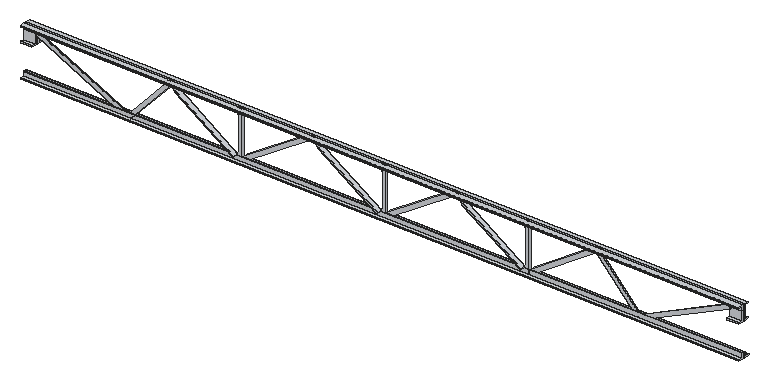
Revit family "0c9291377ac140c79408a059bb049c16", category Structural Framing, Revit 2019
Family settings
  Structural Framing Length Roundoff = 0' - 0 1/16"
  Section Shape = Not Defined
  Material for Model Behavior = Steel
  Always export as geometry = Yes
  OmniClass Number = 23.25.30.21.14.11
  OmniClass Title = Metal Joists
  Seek Item ID = G Joist Girder-0000-USA-ENU
  Always vertical = Yes
  Cut with Voids When Loaded = No
  Symbolic Representation = From Family
  Shared = No
  Show family pre-cut in plan views = Yes
Parameters (values of type "16G")
  Web Thickness = 0' - 1"
  Vertical Member Visibility = yes
  Structural Material = none
  Start Offset [instance] = 0' - 0"
  Top Chord Start Extension [instance] = 0' - 0"
  SpaceNum [instance] = 5
  Seat Length = 0' - 6"
  Seat Depth [instance] = 0' - 7 1/2"
  PanelWidth [instance] = Length / SpaceNum  # 6' - 0"
  PanelArrayNum [instance] = SpaceNum - 2  # 3
  Panel Point Load [instance] = 4.00 kip
  Offset Length 2 [instance] = End Panel - End Offset + Bottom Chord End Extension  # 6' - 0"
  Offset Length 1 [instance] = End Panel - Start Offset + Bottom Chord Start Extension  # 6' - 0"
  Offset Length [instance] = 0.3 * (End Panel - Start Offset - Seat Length)  # 1' - 7.8"
  Girder Type = "G"
  End Panel [instance] = PanelWidth  # 6' - 0"
  End Offset [instance] = 0' - 0"
  Top Chord End Extension [instance] = 0' - 0"
  Depth = 2' - 0"
  Cord Leg = 0' - 2 1/2"
  Chord Thickness = 0' - 0 1/2"
  Bottom Chord Start Extension [instance] = 0' - 0"
  Bottom Chord End Extension [instance] = 0' - 0"
  Assembly Code = "B1010350"
  Length [instance] = 30' - 0"
Reference planes (in)
  plane 1 "Center (Front/Back)": y = 0
  plane 2: z = 0
  plane 3 "Center (Left/Right)": x = 18.04904
  plane 4 "Member Left": x = -139.8185
  plane 5 "Member Right": x = 140.1815
  plane 6: y = 3
  plane 7: y = -3
  plane 8: z = 12
  plane 9: z = -12
  plane 10 "Left": x = -161.95096
  plane 11 "Stick Symbol Left": x = -257.24023
  plane 12 "Stick Symbol Right": x = 291.90529
  plane 13 "Right": x = 198.04904
  plane 14: z = 4.5
  plane 15: x = -155.95096
  plane 16: x = -89.95096
  plane 17: x = 192.04904
  plane 18: x = 126.04904
  plane 19: y = 0.5
  plane 20: y = -0.5
  plane 21: z = 9.5
  plane 22: z = -9.5
  plane 23: z = -11.75
  plane 24: z = 11.75
  plane 25: x = -161.95096
  plane 26: x = 198.04904
  plane 27: x = -161.95096
  plane 28: x = 198.04904
  plane 29: x = -109.75096
  plane 30: x = 54.04904
  plane 31: x = 145.84904
  plane 32: x = -161.95096
  plane 33: x = 198.04904
  plane 34: x = 291.90529
  plane 35 "Symbol Right": x = 291.90529
  plane 36 "Symbol Left": x = -257.24023
  plane 37: x = -257.24023
Forms (in)
  Extrusion 1, solid, material <- "Structural Material", detail levels medium+fine
    sketch origin (18.04904, 0, 0) x (0, 1, 0) y (0, 0, 1)
      loop
        line (3, 12) -> (0.5, 12) -> (0.5, 9.5) -> (1, 9.5) -> (1, 11.5) -> (3, 11.5) -> (3, 12)
      loop
        line (-3, 12) -> (-3, 11.5) -> (-1, 11.5) -> (-1, 9.5) -> (-0.5, 9.5) -> (-0.5, 12) -> (-3, 12)
    from -180 to 180
  Extrusion 2, solid, material <- "Structural Material", detail levels medium+fine
    sketch origin (18.04904, 0, 0) x (0, 1, 0) y (0, 0, 1)
      loop
        line (0.5, -9.5) -> (0.5, -12) -> (3, -12) -> (3, -11.5) -> (1, -11.5) -> (1, -9.5) -> (0.5, -9.5)
      loop
        line (-0.5, -9.5) -> (-1, -9.5) -> (-1, -11.5) -> (-3, -11.5) -> (-3, -12) -> (-0.5, -12) -> (-0.5, -9.5)
    from -180 to 180
  Extrusion 3, solid, material <- "Structural Material", detail levels medium+fine
    sketch origin (18.04904, 0, 0) x (0, 1, 0) y (0, 0, 1)
      loop
        line (3, 4.5) -> (3, 5) -> (1, 5) -> (1, 9.5) -> (0.5, 9.5) -> (0.5, 4.5) -> (3, 4.5)
      loop
        line (-3, 4.5) -> (-0.5, 4.5) -> (-0.5, 9.5) -> (-1, 9.5) -> (-1, 5) -> (-3, 5) -> (-3, 4.5)
    from 174 to 180
  Extrusion 4, solid, material <- "Structural Material", detail levels medium+fine
    sketch origin (18.04904, 0, 0) x (0, 1, 0) y (0, 0, 1)
      loop
        line (-3, 4.5) -> (-0.5, 4.5) -> (-0.5, 9.5) -> (-1, 9.5) -> (-1, 5) -> (-3, 5) -> (-3, 4.5)
      loop
        line (0.5, 4.5) -> (3, 4.5) -> (3, 5) -> (1, 5) -> (1, 9.5) -> (0.5, 9.5) -> (0.5, 4.5)
    from -180 to -174
  Sweep 5, solid, material <- "Structural Material", detail levels fine
    path in 3D
      loop
        line (145.84904, 0, -11.75) -> (192.04904, 0, 9.5)
    profile "Web-Profile : Web-Profile" origin (168.94904, 0, -1.125) x (-0.417873, 0, 0.908505) y (0, -1, 0)
      loop
        line (-1, 0.75) -> (-1, 0.25) -> (1, 0.25) -> (1, 0.75) -> (-1, 0.75)
  Sweep 6, solid, material <- "Structural Material", detail levels fine
    path in 3D
      loop
        line (126.04904, 0, 9.5) -> (145.84904, 0, -11.75)
    profile "Web-Profile : Web-Profile" origin (135.94904, 0, -1.125) x (0.731627, 0, 0.681705) y (0, -1, 0)
      loop
        line (-1, 0.25) -> (-1, -0.25) -> (1, -0.25) -> (1, 0.25) -> (-1, 0.25)
  Sweep 7, solid, material <- "Structural Material", detail levels fine
    path in 3D
      loop
        line (-155.95096, 0, 9.5) -> (-109.75096, 0, -11.75)
    profile "Web-Profile : Web-Profile" origin (-132.85096, 0, -1.125) x (0.417873, 0, 0.908505) y (0, -1, 0)
      loop
        line (-1, 0.25) -> (-1, -0.25) -> (1, -0.25) -> (1, 0.25) -> (-1, 0.25)
  Sweep 8, solid, material <- "Structural Material", detail levels fine
    path in 3D
      loop
        line (-109.75096, 0, -11.75) -> (-89.95096, 0, 9.5)
    profile "Web-Profile : Web-Profile" origin (-99.85096, 0, -1.125) x (-0.731627, 0, 0.681705) y (0, -1, 0)
      loop
        line (-1, 0.25) -> (-1, -0.25) -> (1, -0.25) -> (1, 0.25) -> (-1, 0.25)
Lines and regions (in)
  symbolic lines, style "StructuralFraming", detail levels coarse
    curve 1: line (0, 3, 12) -> (0, 0.5, 12)
    curve 2: line (0, -3, -12) -> (0, -0.5, -12)
    curve 14: line (0, 0.5, -12) -> (0, 3, -12)
    curve 15: line (18.04904, 0.5, -12) -> (18.04904, 0.5, -9.5)
    curve 16: line (18.04904, -0.5, -12) -> (18.04904, -0.5, -9.5)
    curve 17: line (18.04904, -0.5, 12) -> (18.04904, -0.5, 9.5)
    curve 18: line (18.04904, 0.5, 12) -> (18.04904, 0.5, 9.5)
    curve 19: line (0, -0.5, 12) -> (0, -3, 12)
  symbolic lines, style "StructuralFraming", detail levels coarse+medium
    curve 3: line (0, 0, -12) -> (0, 0, 12)
  reference lines
    curve 4: line (-251.24023, 0, -16.86251) -> (-251.24023, 0, 15.13749)
    curve 5: line (-179.24023, 0, -17.11251) -> (-179.24023, 0, 15.13749)
    curve 6: line (285.90529, 0, -14.77905) -> (285.90529, 0, 15.22095)
    curve 7: line (213.90529, 0, -19.77905) -> (213.90529, 0, 15.22095)
  model lines, style "Joist Girder", detail levels coarse
    curve 8: line (213.90529, 0, -12) -> (-179.24023, 0, -12)
    curve 9: line (291.90529, 0, 12) -> (-257.24023, 0, 12)
  model lines, style "StructuralFraming", detail levels medium
    curve 10: line (-109.75096, 0, -11.75) -> (-89.95096, 0, 9.5)
    curve 11: line (-155.95096, 0, 9.5) -> (-109.75096, 0, -11.75)
    curve 12: line (126.04904, 0, 9.5) -> (145.84904, 0, -11.75)
    curve 13: line (145.84904, 0, -11.75) -> (192.04904, 0, 9.5)
  model lines, style "Web Joist", detail levels coarse
    curve 20: line (-179.24023, 0, -12) -> (-251.24023, 0, 12)
    curve 21: line (213.90529, 0, -12) -> (285.90529, 0, 12)
  sketch lines
    curve 22: line (145.84904, 0, -11.75) -> (192.04904, 0, 9.5)
    curve 23: line (126.04904, 0, 9.5) -> (145.84904, 0, -11.75)
    curve 24: line (-155.95096, 0, 9.5) -> (-109.75096, 0, -11.75)
    curve 25: line (-109.75096, 0, -11.75) -> (-89.95096, 0, 9.5)
  symbolic lines, detail levels fine
    curve 26: line (18.04904, 0.5, 11.75) -> (18.04904, -0.5, 11.75)
    curve 27: line (18.04904, 0.5, -11.75) -> (18.04904, -0.5, -11.75)
    curve 28: line (18.04904, 0.5, -9.5) -> (18.04904, 0.5, 9.5)
    curve 29: line (18.04904, -0.5, -9.5) -> (18.04904, -0.5, 9.5)
Dimensions and locks (in)
  equal spacing: plane 9, plane 2, plane 8
  "Length": plane 10 "Left" to plane 13 "Right"
  equal spacing: plane 10 "Left", plane 3 "Center (Left/Right)", plane 13 "Right"
  "End Panel": curve 5 to curve 4
  "End Panel": curve 6 to curve 7
  "Depth": plane 9 to plane 8
  "Seat Depth": plane 8 to plane 14
  "End Panel": plane 10 "Left" to plane 16
  "End Panel": plane 13 "Right" to plane 18
  "Web Thickness": plane 19 to plane 20
  equal spacing: plane 19, plane 1 "Center (Front/Back)", plane 20
  "Cord Leg": plane 20 to plane 7
  "Cord Leg": plane 6 to plane 19
  "Cord Leg": plane 9 to plane 22
  "Cord Leg": plane 21 to plane 8
  "Chord Thickness": plane 8 to Extrusion 1 sketch curve
  "Chord Thickness": Extrusion 1 sketch curve to plane 8
  "Chord Thickness": plane 20 to Extrusion 1 sketch curve
  "Chord Thickness": Extrusion 1 sketch curve to plane 19
  "Chord Thickness": plane 9 to Extrusion 2 sketch curve  (x2)
  "Chord Thickness": Extrusion 2 sketch curve to plane 19
  "Chord Thickness": plane 20 to Extrusion 2 sketch curve
  "Chord Thickness": plane 14 to Extrusion 3 sketch curve  (x2)
  "Chord Thickness": plane 20 to Extrusion 3 sketch curve
  "Chord Thickness": Extrusion 3 sketch curve to plane 19
  "Chord Thickness": plane 14 to Extrusion 4 sketch curve  (x2)
  "Chord Thickness": Extrusion 4 sketch curve to plane 19
  "Chord Thickness": plane 20 to Extrusion 4 sketch curve
  locked: plane 23 to plane 9 at 0.25
  locked: plane 8 to plane 24 at 0.25
  "Start Offset": plane 10 "Left" to plane 27
  "Seat Length": plane 27 to plane 15
  "Top Chord Start Extension": plane 25 to plane 27
  "End Offset": plane 28 to plane 13 "Right"
  "Seat Length": plane 17 to plane 28
  "Top Chord End Extension": plane 28 to plane 26
  "Offset Length": plane 16 to plane 29
  "PanelWidth": plane 18 to plane 30
  equal spacing: group 1, group 3, group 2  (x3)
  "Offset Length": plane 31 to plane 18
  "Offset Length 1": plane 16 to plane 32
  "Offset Length 2": plane 33 to plane 18
  "Seat Length": plane 34 to curve 6
  "Top Chord End Extension": plane 35 "Symbol Right" to plane 34
  "End Offset": plane 12 "Stick Symbol Right" to plane 34
  "Start Offset": plane 37 to plane 11 "Stick Symbol Left"
  "Seat Length": curve 4 to plane 37
  "Top Chord Start Extension": plane 37 to plane 36 "Symbol Left"
  aligned and locked: curve 8 to plane 9
  aligned and locked: curve 9 to plane 8
  aligned and locked: curve 5 to curve 8
  aligned and locked: curve 7 to curve 8
  aligned and locked: plane 8 to Extrusion 1 sketch curve
  aligned and locked: Extrusion 1 sketch curve to plane 8
  aligned and locked: plane 6 to Extrusion 1 sketch curve
  aligned and locked: plane 7 to Extrusion 1 sketch curve
  aligned and locked: Extrusion 1 sketch curve to plane 21
  aligned and locked: plane 21 to Extrusion 1 sketch curve
  aligned and locked: plane 9 to Extrusion 2 sketch curve
  aligned and locked: Extrusion 2 sketch curve to plane 9
  aligned and locked: plane 6 to Extrusion 2 sketch curve
  aligned and locked: plane 7 to Extrusion 2 sketch curve
  aligned and locked: plane 19 to Extrusion 2 sketch curve
  aligned and locked: plane 20 to Extrusion 2 sketch curve
  aligned and locked: Extrusion 2 sketch curve to plane 22
  aligned and locked: plane 22 to Extrusion 2 sketch curve
  aligned and locked: Extrusion 3 sketch curve to plane 7
  aligned and locked: plane 14 to Extrusion 3 sketch curve
  aligned and locked: Extrusion 3 sketch curve to plane 14
  aligned and locked: Extrusion 3 sketch curve to plane 6
  aligned and locked: Extrusion 3 sketch curve to plane 20
  aligned and locked: Extrusion 3 sketch curve to plane 19
  aligned and locked: Extrusion 3 sketch curve to plane 21
  aligned and locked: plane 21 to Extrusion 3 sketch curve
  aligned and locked: Extrusion 3 to plane 17
  aligned and locked: plane 6 to Extrusion 4 sketch curve
  aligned and locked: Extrusion 4 sketch curve to plane 7
  aligned and locked: Extrusion 4 sketch curve to plane 19
  aligned and locked: plane 20 to Extrusion 4 sketch curve
  aligned and locked: plane 21 to Extrusion 4 sketch curve  (x2)
  aligned and locked: Extrusion 4 sketch curve to plane 14  (x2)
  aligned and locked: plane 15 to Extrusion 4
  aligned and locked: Extrusion 2 to curve 15
  aligned and locked: curve 15 to Extrusion 2
  aligned and locked: curve 2 to curve 16
  aligned and locked: curve 16 to Extrusion 2
  aligned and locked: Extrusion 1 to curve 17
  aligned and locked: curve 17 to Extrusion 1
  aligned and locked: curve 18 to Extrusion 1  (x2)
  aligned and locked: curve 1 to Extrusion 1
  aligned and locked: curve 13 to Extrusion 3
  aligned and locked: curve 4 to curve 20
  aligned and locked: curve 6 to curve 21
  aligned and locked: plane 25 to Extrusion 1
  aligned and locked: Extrusion 3 to plane 26
  aligned and locked: Extrusion 1 to plane 26
  aligned and locked: plane 25 to Extrusion 4
  aligned and locked: plane 1 "Center (Front/Back)" to nested 1
  aligned and locked: nested 1 to plane 16
  aligned and locked: plane 9 to nested 1
  aligned and locked: plane 30 to nested 2
  aligned and locked: plane 9 to nested 2
  aligned and locked: plane 15 to curve 11
  aligned and locked: Extrusion 1 to curve 11
  aligned and locked: plane 29 to curve 11
  aligned and locked: plane 23 to curve 10
  aligned and locked: plane 16 to curve 10
  aligned and locked: Extrusion 1 to curve 10
  aligned and locked: Extrusion 1 to curve 12
  aligned and locked: plane 18 to curve 12
  aligned and locked: plane 23 to curve 13
  aligned and locked: plane 31 to curve 13
  aligned and locked: plane 17 to curve 13
  aligned and locked: Extrusion 2 to plane 32
  aligned and locked: plane 33 to Extrusion 2
  aligned and locked: plane 36 "Symbol Left" to curve 9
  aligned and locked: plane 35 "Symbol Right" to curve 9
Automatic sketch dimensions
  Extrusion 1 sketch curve to plane 20 = 0' - 0"
  Extrusion 1 sketch curve to plane 19 = 0' - 0"
  curve 14 to plane 6 = 0' - 0"
  curve 1 to plane 6 = 0' - 0"
  curve 14 to plane 9 = 0' - 0"
  curve 14 to plane 19 = 0' - 0"
  curve 1 to plane 19 = 0' - 0"
  curve 19 to plane 8 = 0' - 0"
  curve 19 to plane 20 = 0' - 0"
  curve 19 to plane 7 = 0' - 0"
  plane 9 to curve 7 = 0' - 7.77905"
  plane 9 to curve 5 = 0' - 5.11251"
  plane 9 to curve 4 = 0' - 4.86251"
  plane 9 to curve 6 = 0' - 2.77905"
  curve 5 to plane 8 = 0' - 3.13749"
  curve 4 to plane 8 = 0' - 3.13749"
  curve 7 to plane 8 = 0' - 3.22095"
  curve 6 to plane 8 = 0' - 3.22095"
  curve 2 to plane 7 = 0' - 0"
  curve 2 to plane 9 = 0' - 0"
  curve 2 to plane 20 = 0' - 0"
  curve 3 to plane 1 "Center (Front/Back)" = 0' - 0"
  curve 3 to plane 9 = 0' - 0"
  curve 27 to plane 23 = 0' - 0"
  curve 29 to plane 22 = 0' - 0"
  curve 28 to plane 22 = 0' - 0"
  curve 18 to plane 21 = 0' - 0"
  curve 17 to plane 21 = 0' - 0"
  curve 26 to plane 24 = 0' - 0"
  curve 3 to plane 8 = 0' - 0"
Nested families (in)
  nested 1: "G Angled Web" at (-89.95096, 0, 0), type "G Angled Web"
  nested 2: "G Angled Web" at (54.04904, 0, 0), type "G Angled Web"
  nested 3: "G Angled Web" at (-17.95096, 0, 0), type "G Angled Web"
Definition of nested family "G Angled Web"
  Parameters
    WebMaterial = none
    Web Thickness = Thickness / 2  # 0' - 0 1/2"
    Web Offset = Web Leg / 2  # 0' - 1"
    Web Leg = 0' - 2"
    Vertical Member Visibility = yes
    Thickness = 0' - 1"
    PanelHeight = 2' - 0"
    PanelWidth = 6' - 0"
    Assembly Code = ""
  Reference planes (in)
    plane 1 "Center (Front/Back)": y = 0
    plane 2: z = 0
    plane 3 "Center (Left/Right)": x = 0
    plane 4: x = 72
    plane 5: x = 36
    plane 6: z = -12
    plane 7: z = 11
    plane 8: z = 12
    plane 9: y = -0.5
    plane 10: y = 0.5
    plane 11: z = 9.5
    plane 12: z = -9.5
    plane 13: z = -11
  Forms (in)
    Sweep 1, solid, material <- "WebMaterial", detail levels fine
      path in 3D
        loop
          line (0, 0, 11) -> (1, 0, 11) -> (35, 0, -11) -> (37, 0, -11)
      profile origin (0.5, 0, 11) x (0, 0, 1) y (0, -1, 0)
        loop
          line (1, 0) -> (1, 0.5) -> (-1, 0.5) -> (-1, 0) -> (1, 0)
    Sweep 2, solid, material <- "WebMaterial", detail levels fine
      path in 3D
        loop
          line (72, 0, 11) -> (71, 0, 11) -> (37, 0, -11) -> (35, 0, -11)
      profile origin (71.5, 0, 11) x (0, 0, -1) y (0, -1, 0)
        loop
          line (-1, -0.5) -> (1, -0.5) -> (1, 0) -> (-1, 0) -> (-1, -0.5)
    Sweep 3, solid, material <- "WebMaterial", detail levels fine
      path origin (0, -0.5, 10) x (1, 0, 0) y (0, 0, 1)
        loop
          line (34.52259, -19.5) -> (5.15895, -0.5)
      profile origin (19.84077, -0.5, 0) x (-0.543251, 0, -0.83957) y (0, -1, 0)
        loop
          line (0, 0) -> (0.5, 0) -> (0.5, 2) -> (0, 2) -> (0, 0)
    Sweep 4, solid, material <- "WebMaterial", detail levels fine
      path origin (72, 0.5, 10) x (-1, 0, 0) y (0, 0, 1)
        loop
          line (34.52259, -19.5) -> (5.15895, -0.5)
      profile origin (52.15923, 0.5, 0) x (0.543251, 0, -0.83957) y (0, 1, 0)
        loop
          line (0, 0) -> (0.5, 0) -> (0.5, 2) -> (0, 2) -> (0, 0)
    Sweep 5, solid, material <- "WebMaterial", visible <- "Vertical Member Visibility", detail levels fine
      path origin (0, 0, 0) x (1, 0, 0) y (0, 1, 0)
        loop
          line (36, 0.5) -> (36, -0.5)
      profile origin (36, 0, 0) x (1, 0, 0) y (0, 0, 1)
        loop
          line (-1, 12) -> (-1, 8.75) -> (-0.5625, 8.3125) -> (-0.5625, -8.3125) -> (-1, -8.75) -> (-1, -12) -> (1, -12) -> (1, 12) -> (-1, 12)
  Cuts and joins
    joined: Sweep 1, Sweep 3
    joined: Sweep 2, Sweep 4
  Lines and regions (in)
    model lines, detail levels medium+fine
      curve 1: line (0, 0, -12) -> (0, 0, 12)
      curve 2: line (0, 0, 12) -> (72, 0, 12)
      curve 3: line (72, 0, 12) -> (72, 0, -12)
      curve 4: line (72, 0, -12) -> (0, 0, -12)
    model lines, detail levels medium
      curve 5: line (35, 0, -11) -> (37, 0, -11)
      curve 6: line (0, 0, 11) -> (1, 0, 11)
      curve 7: line (72, 0, 11) -> (71, 0, 11)
      curve 8: line (1, 0, 11) -> (35, 0, -11)
      curve 9: line (37, 0, -11) -> (71, 0, 11)
    sketch lines
      curve 10: line (0, 0, 11) -> (1, 0, 11)
      curve 11: line (1, 0, 11) -> (35, 0, -11)
      curve 12: line (35, 0, -11) -> (37, 0, -11)
      curve 13: line (72, 0, 11) -> (71, 0, 11)
      curve 14: line (37, 0, -11) -> (71, 0, 11)
      curve 15: line (35, 0, -11) -> (37, 0, -11)
    model lines, visible <- "Vertical Member Visibility", detail levels medium
      curve 16: line (36, 0, -11) -> (36, 0, 12)
  Dimensions and locks (in)
    "PanelWidth": plane 4 to plane 3 "Center (Left/Right)"
    equal spacing: plane 4, plane 5, plane 3 "Center (Left/Right)"
    "Web Offset": plane 8 to plane 7
    "PanelHeight": plane 8 to plane 6
    equal spacing: plane 8, plane 2, plane 6
    "Thickness": plane 10 to plane 9
    equal spacing: plane 10, plane 1 "Center (Front/Back)", plane 9
    locked: plane 8 to plane 11 at 2.5
    plane 12 to plane 6 = 0' - 2 1/2"
    "Thickness": plane 13 to plane 6
    "Web Offset": curve 6 to curve 6
    "Web Offset": curve 5 to plane 5
    "Web Offset": plane 5 to curve 5
    "Web Leg": Sweep 2 sketch curve to Sweep 2 sketch curve
    "Web Thickness": Sweep 3 sketch curve to Sweep 3 sketch curve
    "Web Leg": Sweep 3 sketch curve to Sweep 3 sketch curve
    "Web Thickness": Sweep 2 to Sweep 4 sketch curve
    "Web Leg": Sweep 4 sketch curve to Sweep 4 sketch curve
    "Web Leg": plane 8 to Sweep 1 sketch curve
    equal spacing: Sweep 1 sketch curve, plane 7, Sweep 1 sketch curve
    equal spacing: Sweep 2 sketch curve, profile plane, Sweep 2 sketch curve
    "Web Offset": curve 7 to curve 3
    equal spacing: Sweep 5 sketch curve, plane 5, Sweep 5 sketch curve
    "Web Leg": Sweep 5 sketch curve to Sweep 5 sketch curve
    locked: Sweep 5 sketch curve to Sweep 5 sketch curve at 3.25  (x2)
    locked: Sweep 5 sketch curve to Sweep 5 sketch curve at 0.4375
    equal spacing: Sweep 5 sketch curve, plane 2, Sweep 5 sketch curve
    locked: Sweep 5 sketch curve to Sweep 5 sketch curve (angle 45.00°)  (x2)
    aligned and locked: plane 8 to curve 2
    aligned and locked: plane 7 to curve 6
    aligned and locked: plane 3 "Center (Left/Right)" to curve 6
    aligned and locked: curve 5 to plane 13
    aligned and locked: Sweep 1 sketch curve to plane 9
    aligned and locked: plane 1 "Center (Front/Back)" to Sweep 1 sketch curve
    aligned and locked: Sweep 2 sketch curve to profile plane
    aligned and locked: plane 10 to Sweep 2 sketch curve
    aligned and locked: plane 9 to Sweep 3 sketch curve
    aligned and locked: Sweep 1 to Sweep 3 sketch curve
    aligned and locked: plane 11 to Sweep 3 sketch curve
    aligned and locked: plane 12 to Sweep 3 sketch curve
    aligned and locked: Sweep 2 to Sweep 4 sketch curve  (x2)
    aligned and locked: plane 11 to Sweep 4 sketch curve
    aligned and locked: plane 12 to Sweep 4 sketch curve
    aligned and locked: curve 7 to plane 7
    aligned and locked: curve 4 to plane 6
    aligned and locked: plane 4 to curve 3
    aligned and locked: plane 5 to Sweep 5 sketch curve
    aligned and locked: plane 10 to Sweep 5 sketch curve
    aligned and locked: plane 9 to Sweep 5 sketch curve
    aligned and locked: plane 8 to Sweep 5 sketch curve
    aligned and locked: Sweep 5 sketch curve to plane 6
    aligned and locked: curve 16 to plane 5
    aligned and locked: curve 16 to plane 8
    aligned and locked: plane 13 to curve 16
  Automatic sketch dimensions
    Sweep 3 sketch curve to profile plane = 0' - 0"
    Sweep 4 sketch curve to profile plane = 0' - 0"
